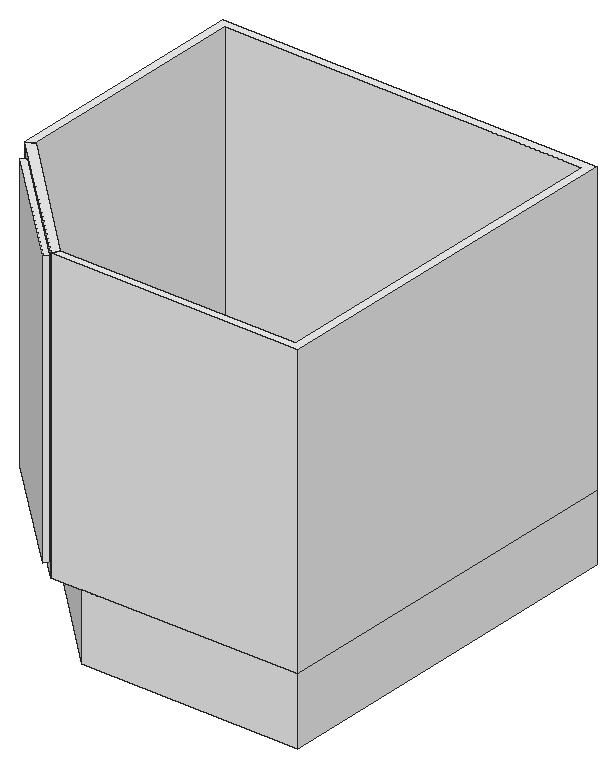
Revit family
Parameters (values of type "900mm")
  Cabinet Material = none
  Depth = 900 mm
  Door/Drawer Material = none
  Height = 860 mm
  Plinth Height = 160 mm
  Width = 900 mm
Reference planes
  plane 1 "Back": y = 0
  plane 2: z = 0
  plane 3 "Left": x = -387.662
  plane 4 "Right": x = 512.338
  plane 5 "Front": y = -900
  plane 6 "Top": z = 860
  plane 7: z = 160
  plane 8: z = 840.95
  plane 9: z = 179.05
  plane 10: x = -368.612
  plane 11: x = 493.288
  plane 12: z = 802.85
  plane 13: z = 701.25
  plane 14: y = -595.2
  plane 15: x = -82.862
  plane 16: y = -519
  plane 17: x = -6.662
Forms (mm)
  Extrusion 1, solid, material <- "Cabinet Material"
    sketch origin (0, 0, 0) x (1, 0, 0) y (0, 1, 0)
      loop
        line (-387.662, 0) -> (-387.662, -519.622) -> (-6.662, -900) -> (512.338, -900) -> (512.338, 0) -> (-387.662, 0)
    from 0 to 160
  Extrusion 2, solid, material <- "Cabinet Material"
    sketch origin (0, 0, 0) x (1, 0, 0) y (0, 1, 0)
      loop
        line (-368.612, -19.05) -> (-368.612, -587.944) -> (-74.983, -880.95) -> (493.288, -880.95) -> (493.288, -19.05) -> (-368.612, -19.05)
    from 179.05 to 160
  Extrusion 3, solid, material <- "Cabinet Material"
    sketch origin (0, 0, 0) x (1, 0, 0) y (0, 1, 0)
      loop
        line (-387.662, 0) -> (-387.662, -595.846) -> (-368.612, -587.944) -> (-368.612, -19.05) -> (493.288, -19.05) -> (493.288, -880.95) -> (-74.983, -880.95) -> (-82.862, -900) -> (512.338, -900) -> (512.338, 0) -> (-387.662, 0)
    from 160 to 860
  Extrusion 4, solid, material "Cabinets"
    sketch origin (0, 0, 0) x (1, 0, 0) y (0, 1, 0)
      loop
        line (-387.662, -595.846) -> (-82.862, -900) -> (-74.983, -880.95) -> (-368.612, -587.944) -> (-387.662, -595.846)
    from 160 to 860
  Extrusion 5, void
    sketch origin (-387.662, -595.846, 860) x (0, 0, 1) y (0.707857, -0.706356, 0)
      loop
        line (-19.05, 30.942) -> (-19.05, 405.592) -> (-680.95, 405.592) -> (-680.95, 30.942) -> (-19.05, 30.942)
    from 0 to 19.05
  Extrusion 6, solid, material <- "Door/Drawer Material"
    sketch origin (-387.662, -595.846, 860) x (0, 0, -1) y (0.707857, -0.706356, 0)
      loop
        line (19.05, 30.942) -> (680.95, 30.942) -> (680.95, 405.592) -> (19.05, 405.592) -> (19.05, 30.942)
    from -19.05 to 12.7
Cuts and joins
  Extrusion 5 cuts Extrusion 1
  Extrusion 5 cuts Extrusion 2
  Extrusion 5 cuts Extrusion 3
  Extrusion 5 cuts Extrusion 4
Lines and regions (mm)
  symbolic lines, style "Plan Rep - Below"
    curve 1: line (512.338, -900, 0) -> (-100.842, -900, 0)
    curve 2: line (512.338, 0, 0) -> (512.338, -900, 0)
    curve 3: line (-387.662, 0, 0) -> (512.338, 0, 0)
    curve 4: line (-387.662, -613.788, 0) -> (-387.662, 0, 0)
    curve 5: line (-100.842, -900, 0) -> (-387.662, -613.788, 0)
Dimensions and locks
  "Depth": plane 5 "Front" to plane 1 "Back"
  "Depth": plane 3 "Left" to plane 4 "Right"
  "Height": level to plane 6 "Top"
  "Plinth Height": plane 2 to plane 7
  locked: plane 3 "Left" to plane 10 at 19.05
  locked: plane 11 to plane 4 "Right" at 19.05
  locked: plane 6 "Top" to plane 8 at 19.05
  locked: plane 9 to plane 7 at 19.05
  locked: plane 12 to plane 13 at 101.6
  plane 8 to plane 12 = 38.1 mm
  plane 5 "Front" to plane 14 = 304.8 mm
  plane 3 "Left" to plane 15 = 304.8 mm
  plane 14 to plane 16 = 76.2 mm
  plane 15 to plane 17 = 76.2 mm
  aligned and locked: plane 1 "Back" to Extrusion 1 sketch curve
  aligned and locked: plane 4 "Right" to Extrusion 1 sketch curve
  aligned and locked: Extrusion 1 sketch curve to plane 3 "Left"
  aligned and locked: Extrusion 1 to level
  aligned and locked: Extrusion 2 to plane 9
  aligned and locked: plane 7 to Extrusion 2
  aligned and locked: Extrusion 1 to plane 7
  aligned and locked: Extrusion 1 sketch curve to plane 5 "Front"
  aligned and locked: Extrusion 3 to plane 6 "Top"
  aligned and locked: plane 7 to Extrusion 3
  aligned and locked: Extrusion 4 to plane 6 "Top"
  aligned and locked: plane 7 to Extrusion 4
  aligned and locked: plane 8 to Extrusion 6 sketch curve
  aligned and locked: Extrusion 6 sketch curve to plane 9
  aligned and locked: Extrusion 6 to cut or joined group of Extrusion 2, Extrusion 5
  aligned and locked: Extrusion 6 to curve 5
Automatic sketch dimensions
  curve 3 to plane 1 "Back" = 0 mm
  curve 3 to plane 3 "Left" = 0 mm
  curve 5 to plane 5 "Front" = 0 mm
  curve 1 to plane 4 "Right" = 0 mm
  Extrusion 1 sketch curve to plane 17 = 0 mm
  plane 16 to Extrusion 1 sketch curve = 0.622 mm
  Extrusion 3 sketch curve to plane 1 "Back" = 0 mm
  Extrusion 3 sketch curve to plane 3 "Left" = 0 mm
  Extrusion 3 sketch curve to plane 10 = 0 mm
  Extrusion 3 sketch curve to plane 5 "Front" = 0 mm
  Extrusion 3 sketch curve to plane 15 = 0 mm
  Extrusion 3 sketch curve to plane 11 = 0 mm
  Extrusion 3 sketch curve to plane 4 "Right" = 0 mm
  plane 15 to Extrusion 3 sketch curve = 7.879 mm
  Extrusion 3 sketch curve to plane 5 "Front" = 19.05 mm
  plane 14 to Extrusion 3 sketch curve = 0.646 mm
  Extrusion 3 sketch curve to plane 14 = 7.256 mm
  plane 1 "Back" to Extrusion 3 sketch curve = 19.05 mm
  Extrusion 4 sketch curve to plane 3 "Left" = 0 mm
  Extrusion 4 sketch curve to plane 10 = 0 mm
  Extrusion 4 sketch curve to plane 5 "Front" = 0 mm
  Extrusion 4 sketch curve to plane 15 = 0 mm
  plane 15 to Extrusion 4 sketch curve = 7.879 mm
  Extrusion 4 sketch curve to plane 5 "Front" = 19.05 mm
  plane 14 to Extrusion 4 sketch curve = 0.646 mm
  Extrusion 4 sketch curve to plane 14 = 7.256 mm
  Extrusion 2 sketch curve to plane 10 = 0 mm
  Extrusion 2 sketch curve to plane 11 = 0 mm
  plane 15 to Extrusion 2 sketch curve = 7.879 mm
  Extrusion 2 sketch curve to plane 5 "Front" = 19.05 mm
  Extrusion 2 sketch curve to plane 14 = 7.256 mm
  plane 1 "Back" to Extrusion 2 sketch curve = 19.05 mm
  Extrusion 5 sketch curve to plane 9 = 0 mm
  Extrusion 5 sketch curve to plane 8 = 0 mm
  Extrusion 5 sketch curve to Extrusion 5 sketch curve = 374.65 mm
  Extrusion 6 sketch curve to Extrusion 6 sketch curve = 374.65 mm
